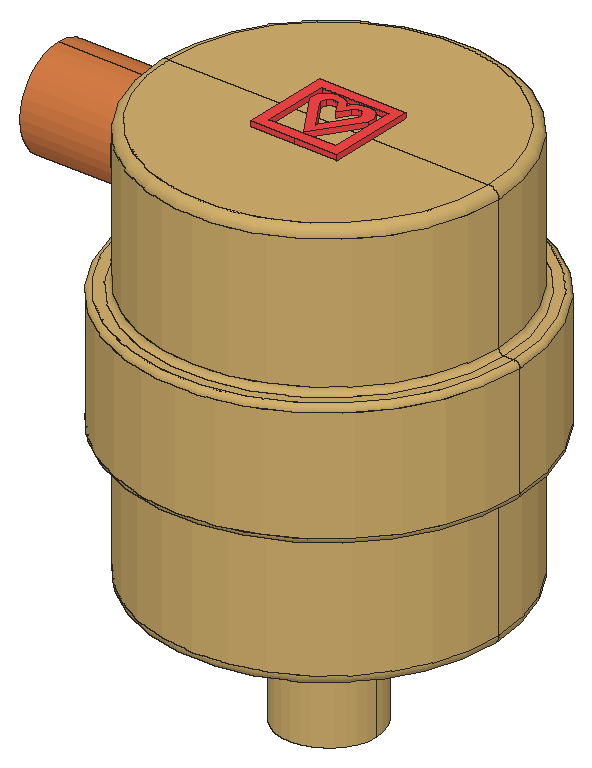
Revit family "Entlüfter 2630 10", category Rohrzubehör, Revit 2019
Family settings
  Bemaßung runder Anschluss = Durchmesser verwenden
  Teiletyp = Normal
  OmniClass-Nummer = 23.65.55.14
  OmniClass-Titel = Valves for Liquid Services
  Arbeitsebenenbasiert = Nein
  Immer vertikal = Ja
  Beim Laden mit Abzugskörper schneiden = Nein
  Gemeinsam genutzt = Nein
Parameters
  Schwimmer = "Polypropylen"  # constant formula
  SCRNSEQ = "AWI;AWI_TYP=\"1013\";1"
  SCRNCODE = "05;14;01"  # constant formula
  S03 = 24.500 mm  # constant formula
  S02 = 11.000 mm  # constant formula
  S01 = 56.000 mm  # constant formula
  Min.Betriebstemperatur = 0 °C  # constant formula
  Max.Sturkturdruck = 1000000.0 Pa  # constant formula
  Max.Betriebstemperatur = 110 °C  # constant formula
  URL = "www.herz-armaturen.at"
  R02 = 0.600 mm  # constant formula
  R01 = 1.000 mm  # constant formula
  Nennweite [instance] = 10.000 mm  # constant formula
  Medium = "Heizungswasser nach ÖNORM H5195 oder VDI- Richtlinie 2035. Die Verwendung von Ethylen- oder Propyleneglykol in einem Mischungsverhältnis von 25 - 50% ist zulässig. EPDM-Dichtungen können durch Mineralöle und Schmiermittel beeinflusst werden, was zum Versagen der EPDM-Dichtungen führen kann. Bitte beachten Sie die Dokumentation des Herstellers, wenn Ethylenglykol-Produkte für den Frost- und Korrosionsschutz verwendet werden."
  Max.Betriebsdruck = 1000000.0 Pa  # constant formula
  L04 = L02 - L03  # 18.800 mm
  L03 = 9.500 mm  # constant formula
  L02 = 28.300 mm  # constant formula
  L01 = 4.000 mm  # constant formula
  Hersteller = "Herz-Armaturen GmbH"  # constant formula
  H08 = H00 - 1.000 mm  # 55.000 mm
  H07 = H00 - 7.500 mm  # 48.500 mm
  H06 = 2.500 mm  # constant formula
  H05 = 9.000 mm  # constant formula
  H04 = 14.500 mm  # constant formula
  H03 = 15.500 mm  # constant formula
  H02 = 13.000 mm  # constant formula
  H01 = 9.500 mm  # constant formula
  H00 = 56.000 mm  # constant formula
  Gehäuse = "geschmiedetes Messing nach EN 12165, CW617N"  # constant formula
  G1 [instance] = Nennweite / 2  # 5.000 mm
  Dichtung = "EPDM"  # constant formula
  Deckel = "geschmiedetes Messing nach EN 12165, CW617N"  # constant formula
  D06 = 3.400 mm  # constant formula
  D05 = 5.100 mm  # constant formula
  D04 = 12.500 mm  # constant formula
  D03 = 11.000 mm  # constant formula
  D02 = 20.000 mm  # constant formula
  D01 = 17.800 mm  # constant formula
  Bestellnummer [instance] = if(Nennweite = 10.000 mm, 1263010, 0)  # 1263010
  Aussenanschlussgewinde = "nach ISO 228"  # constant formula
  Anwendungsgebiet = "Der automatische Schnellentlüfter wird in Heizungs- und Kühlungssysteme zur Entlüftung der Anlage verwendet. Das Ventil sollte in der Nähe des Boilers oder am höchsten Punkt der Anlage installiert werden, um eine garantierte Entlüftung der Anlage an die Umgebung zu gewährleisten."
  Abdeckkappe = "ABS Kunststoff, Rot"  # constant formula
Reference planes
  plane 1 "Mitte (Vorne/hinten)": y = 0
  plane 2: z = 0
  plane 3 "Mitte (Links/rechts)": x = 0
Forms (mm)
  Revolve 1, solid, material "Messing", detail levels fine
    sketch origin (0, 0, 0) x (1, 0, 0) y (0, 0, 1)
      loop
        line (0, 56) -> (-16.8, 56)
        arc (-16.8, 56) -> (-17.507, 55.707) -> (-17.8, 55) r 1
        line (-17.8, 55) -> (-17.8, 41.1)
        arc (-17.8, 41.1) -> (-17.976, 40.676) -> (-18.4, 40.5) r 0.6
        line (-18.4, 40.5) -> (-19.4, 40.5)
        arc (-19.4, 40.5) -> (-19.824, 40.324) -> (-20, 39.9) r 0.6
        line (-20, 39.9) -> (-20, 28.1)
        arc (-20, 28.1) -> (-19.824, 27.676) -> (-19.4, 27.5) r 0.6
        line (-19.4, 27.5) -> (-18.4, 27.5)
        arc (-18.4, 27.5) -> (-17.976, 27.324) -> (-17.8, 26.9) r 0.6
        line (-17.8, 26.9) -> (-17.8, 14)
        arc (-17.8, 14) -> (-17.507, 13.293) -> (-16.8, 13) r 1
        line (-16.8, 13) -> (-13.8, 13) -> (-9, 9.5) -> (-5, 9.5) -> (-5, 0) -> (0, 0) -> (0, 56)
      axis (0, 56) -> (0, 0)
    angle from 0 to 360
  Revolve 2, solid, material "Messing", detail levels fine
    sketch origin (0, 0, 0) x (1, 0, 0) y (0, 0, 1)
      loop
        line (0, 48.5) -> (0, 51.9) -> (-18.8, 51.9) -> (-18.8, 48.5) -> (0, 48.5)
      axis (-18.8, 48.5) -> (0, 48.5)
    angle from 0 to 360
  Revolve 3, solid, material "Kunststoff-Orange", detail levels fine
    sketch origin (0, 0, 0) x (1, 0, 0) y (0, 0, 1)
      loop
        line (-28.3, 48.5) -> (-18.8, 48.5) -> (-18.8, 53.6) -> (-28.3, 53.6) -> (-28.3, 48.5)
      axis (-28.3, 48.5) -> (-18.8, 48.5)
    angle from 0 to 360
Lines and regions (mm)
  model lines, detail levels coarse+medium
    curve 1: line (0, 0, 56) -> (-12.587, 0, 43.413)
    curve 2: line (0, 0, 56) -> (12.587, 0, 43.413)
    curve 3: circle (0, 0, 31.5) r 11 normal (0, -1, 0)
    curve 4: line (0, 0, 42.5) -> (0, 0, 56)
    curve 5: line (0, 0, 20.5) -> (0, 0, 0)
    curve 6: line (0, 0, 56) -> (0, -12.587, 43.413)
    curve 7: line (0, 0, 56) -> (0, 12.587, 43.413)
    curve 8: circle (0, 0, 31.5) r 11 normal (1, 0, 0)
    curve 9: line (0, 56, 0) -> (-12.587, 43.413, 0)
    curve 10: line (0, 56, 0) -> (12.587, 43.413, 0)
    curve 11: circle (0, 31.5, 0) r 11 normal (0, 0, 1)
    curve 12: line (0, 42.5, 0) -> (0, 56, 0)
    curve 13: line (0, 20.5, 0) -> (0, 0, 0)
Dimensions and locks
  "H02": Revolve 1 sketch curve to Revolve 1 sketch curve
  "H03": Revolve 1 sketch curve to Revolve 1 sketch curve
  "H04": Revolve 1 sketch curve to Revolve 1 sketch curve
  "L01": Revolve 1 sketch curve to Revolve 1 sketch curve  (x2)
  "D01": Revolve 1 sketch curve to Revolve 1 sketch curve  (x2)
  "D02": Revolve 1 sketch curve to Revolve 1 sketch curve
  "H07": Revolve 2 sketch curve to plane 2
  "D06": Revolve 2 sketch curve to Revolve 2 sketch curve
  "L02": plane 3 "Mitte (Links/rechts)" to Revolve 3 sketch curve
  "L03": Revolve 3 sketch curve to Revolve 3 sketch curve
  "D05": Revolve 3 sketch curve to Revolve 3 sketch curve
  "H07": Revolve 3 sketch curve to plane 2
  "L04": plane 3 "Mitte (Links/rechts)" to Revolve 2 sketch curve
  "H08": nested 1 to plane 2
  "G1": Revolve 1 sketch curve to Revolve 1 sketch curve
  "H00": Revolve 1 sketch curve to Revolve 1 sketch curve
  "H01": Revolve 1 sketch curve to Revolve 1 sketch curve
  "S01": curve 2 to plane 2
  "D01": curve 1 to curve 4
  "D01": curve 2 to curve 2
  "S03": curve 4 to curve 3
  "D01": curve 6 to curve 6
  "D01": curve 7 to curve 7
  "S03": curve 7 to curve 8
  "S01": curve 7 to plane 2
  "S01": plane 1 "Mitte (Vorne/hinten)" to curve 12
  "S03": curve 12 to curve 11
  "D01": curve 9 to curve 9
  "D01": curve 10 to curve 10
  "R01": radius of Revolve 1 sketch curve  (x2)
  "R02": radius of Revolve 1 sketch curve  (x4)
  "S02": radius of curve 3
  "S02": radius of curve 8
  "S02": radius of curve 11
  angle curve 1 to curve 4 = 45.00°
  angle curve 4 to curve 2 = 45.00°
  angle curve 6 to plane 1 "Mitte (Vorne/hinten)" = 45.00°
  angle plane 1 "Mitte (Vorne/hinten)" to curve 7 = 45.00°
  angle curve 9 to curve 12 = 45.00°
  angle curve 12 to curve 10 = 45.00°
  aligned and locked: level to plane 2
Automatic sketch dimensions
  curve 7 to plane 1 "Mitte (Vorne/hinten)" = 0.000 mm
  curve 8 to plane 1 "Mitte (Vorne/hinten)" = 0.000 mm
  curve 1 to plane 3 "Mitte (Links/rechts)" = 0.000 mm
  curve 5 to plane 3 "Mitte (Links/rechts)" = 0.000 mm
  curve 3 to plane 3 "Mitte (Links/rechts)" = 0.000 mm
  curve 5 to level = 0.000 mm
  curve 9 to plane 3 "Mitte (Links/rechts)" = 0.000 mm
  curve 13 to plane 3 "Mitte (Links/rechts)" = 0.000 mm
  curve 11 to plane 3 "Mitte (Links/rechts)" = 0.000 mm
  plane 1 "Mitte (Vorne/hinten)" to curve 13 = 0.000 mm
  Revolve 1 sketch curve to level = 0.000 mm
  Revolve 1 sketch curve to plane 3 "Mitte (Links/rechts)" = 0.000 mm
  plane 3 "Mitte (Links/rechts)" to Revolve 1 sketch curve = 0.000 mm
  Revolve 1 sketch curve to Revolve 1 sketch curve = 2000.000 mm
  Revolve 1 sketch curve to Revolve 1 sketch curve = 1932.500 mm
  Revolve 2 sketch curve to plane 3 "Mitte (Links/rechts)" = 0.000 mm  (x2)
  Revolve 2 sketch curve to Revolve 2 sketch curve = 0.000 mm  (x2)
  Revolve 3 sketch curve to Revolve 3 sketch curve = 0.000 mm  (x3)
Nested families
  nested 1: "Herz-Logo" at (0, 0, 55), type "Herz-Logo", detail levels fine
Connectors
  piping at (0, 0, 0), diameter 10, driven by "Nennweite"
    settings: on Revolve 1, index 1, connector inside diameter 609.6 mm, connector length 0.000 mm, flow factor 0, pipe flow 0.0 L/s, pressure drop 0.0 Pa, fitting loss kfactor 0, connector angle 0.00°, fixture units 0, engagement length 0.000 mm, angle of deflection 0.00°, flow configuration 0, flow direction 1, fitting loss method 0, system type 29, joint type 0, gender type 0, connector reference index -1, connector utility 0, adjustable connector no, is connector primary yes, connector description ""
Definition of nested family "Herz-Logo"
  Reference planes
    plane 1 "Mitte (Vorne/hinten)": y = 0
    plane 2: z = 0
    plane 3 "Mitte (Links/rechts)": x = 0
  Forms (mm)
    Extrusion 1, solid
      sketch origin (0, 0, 0) x (1, 0, 0) y (0, 1, 0)
        loop
          line (-0.018, -4.517) -> (4.482, -4.517) -> (4.482, 4.483) -> (-4.518, 4.483) -> (-4.518, -4.517) -> (-0.018, -4.517)
        loop
          line (-0.05, -3.48) -> (3.482, -3.48) -> (3.482, 3.483) -> (-3.518, 3.483) -> (-3.518, -3.48) -> (-0.05, -3.48)
        loop
          arc (-0.018, 2.383) -> (-1.543, 3.287) -> (-3.067, 2.383) r 1.738
          arc (-3.067, 2.383) -> (-3.191, 1.899) -> (-3.067, 1.415) r 1.009
          line (-3.067, 1.415) -> (-0.018, -3.281) -> (3.032, 1.415)
          arc (3.032, 1.415) -> (3.156, 1.899) -> (3.032, 2.383) r 1.009
          arc (3.032, 2.383) -> (1.507, 3.287) -> (-0.018, 2.383) r 1.738
        loop
          arc (1.885, 1.272) -> (2.005, 1.675) -> (1.885, 2.079) r 0.74
          arc (1.885, 2.079) -> (1.265, 2.416) -> (0.644, 2.079) r 0.74
          line (0.644, 2.079) -> (-0.018, 0.97) -> (-0.679, 2.079)
          arc (-0.679, 2.079) -> (-1.3, 2.416) -> (-1.921, 2.079) r 0.74
          arc (-1.921, 2.079) -> (-2.04, 1.675) -> (-1.921, 1.272) r 0.74
          line (-1.921, 1.272) -> (-0.018, -1.658) -> (1.885, 1.272)
      from 0 to 1.5
  Dimensions and locks
    aligned and locked: level to plane 2
